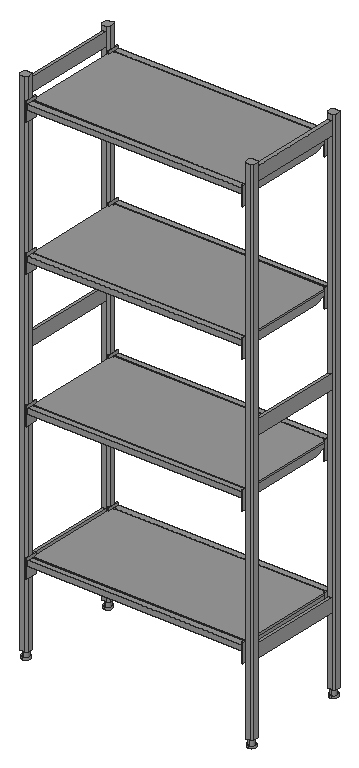
Revit family "QF_ZANUSSI_137010_ALS772", category Attrezzature speciali, Revit 2020
Family settings
  Quota connettore circolare = Usa diametro
  Tipo di parte = Normale
  Basato su piano di lavoro = No
  Sempre verticale = Sì
  Taglio con vuoti quando caricato = No
  Condiviso = No
  Punto di calcolo locali = No
Parameters (values of type "Standard")
  Weight = 16.00 kg
  Watts = 0 W
  Volts = 0 V
  URL Manufacturer = "http://www.zanussiprofessional.com"
  URL = "http://www.zanussiprofessional.com"
  Steam Supply Size = 0 mm
  Steam Supply Minimum Pressure = 0.0 Pa
  Steam Supply Maximum Pressure = 0.0 Pa
  Steam Consumption per Hour = 0
  Refrigeration Suction Line Size = 0.0 mm
  Refrigeration Liquid Line Size = 0.0 mm
  Refrigerant Compressor Remote = yes
  Prospetto di default = 0.0 mm
  Phase = 0
  Modello = "ALS772"
  Produttore = "Zanussi"
  Length Actual = 772.0 mm  # constant formula
  Item Number = "137010"
  Hot Water Size = 0 mm
  Height Actual = 1700.0 mm  # constant formula
  HP = "0 HP"
  Gas Size = 0 mm
  Gas KW = 0
  Gas Input Pressure = 0 W
  Direct Waste Size = 0 mm
  Descrizione = "ALUM.LINEAR SHELV.-POLY.TIERS-373X772MM"
  Depth Actual = 373.0 mm  # constant formula
  Cycle = 0 Hz
  Condensate Return Size = 0 mm
  Compressed Air Volume = 0.0 L/s
  Compressed Air Size = 0 mm
  Compressed Air Pressure = 0.0 Pa
  Cold Water Size = 0 mm
  Accessory = yes
Reference planes
  plane 1: z = 0
  plane 2 "Center (Left/Right)": x = -31
  plane 3 "LEFT": x = -417
  plane 4 "RIGHT": x = 355
  plane 5 "BACK": y = 23
  plane 6 "FRONT": y = -350
  plane 7 "TOP": z = 1700
  plane 8: x = 350
  plane 9: x = -385
  plane 10: x = 323
  plane 11 "Center (Front/Back)": y = -163.5
  plane 12: x = 318
  plane 13: y = -8.5
  plane 14: y = -318.5
  plane 15 "FEET": z = 25
  plane 16: z = 275
  plane 17: z = 725
  plane 18: z = 1175
  plane 19: z = 1625
  plane 20 "CXLeft": x = -403
  plane 21 "CXRight": x = 341
  plane 22: y = 5.5
  plane 23 "CYBack": y = 5.5
  plane 24 "CYFront": y = -332.5
Forms (mm)
  Extrusion 1, solid, material "QF_Aluminum"
    sketch origin (-417, 0, 0) x (0, 1, 0) y (0, 0, 1)
      loop
        line (4, 1650.994) -> (4, 1632.998) -> (23, 1632.998) -> (23, 1650.994) -> (4, 1650.994)
      loop
        line (-331, 1650.994) -> (-350, 1650.994) -> (-350, 1632.998) -> (-331, 1632.998) -> (-331, 1650.994)
      loop
        line (4, 1200.994) -> (4, 1182.998) -> (23, 1182.998) -> (23, 1200.994) -> (4, 1200.994)
      loop
        line (-331, 1200.994) -> (-350, 1200.994) -> (-350, 1182.998) -> (-331, 1182.998) -> (-331, 1200.994)
      loop
        line (4, 750.994) -> (4, 732.998) -> (23, 732.998) -> (23, 750.994) -> (4, 750.994)
      loop
        line (-331, 750.994) -> (-350, 750.994) -> (-350, 732.998) -> (-331, 732.998) -> (-331, 750.994)
      loop
        line (4, 300.994) -> (4, 282.998) -> (23, 282.998) -> (23, 300.994) -> (4, 300.994)
      loop
        line (-331, 300.994) -> (-350, 300.994) -> (-350, 282.998) -> (-331, 282.998) -> (-331, 300.994)
    from 32 to 740
  Extrusion 2, solid, material "QF_Polyethylene"
    sketch origin (-417, 0, 0) x (0, 1, 0) y (0, 0, 1)
      loop
        line (2.007, 1650.994) -> (-329, 1650.994) -> (-329, 1644.496) -> (2.007, 1644.496) -> (2.007, 1650.994)
      loop
        line (2.007, 1200.994) -> (-329, 1200.994) -> (-329, 1194.496) -> (2.007, 1194.496) -> (2.007, 1200.994)
      loop
        line (2.007, 750.994) -> (-329, 750.994) -> (-329, 744.496) -> (2.007, 744.496) -> (2.007, 750.994)
      loop
        line (2.007, 300.994) -> (-329, 300.994) -> (-329, 294.496) -> (2.007, 294.496) -> (2.007, 300.994)
    from 32 to 740
  Extrusion 3, solid, material "QF_Aluminum"
    sketch origin (355, 0, 0) x (0, 1, 0) y (0, 0, 1)
      loop
        line (-12, 1632.998) -> (4, 1632.998) -> (4, 1650.994) -> (2.007, 1650.994) -> (2.007, 1644.496) -> (-329, 1644.496) -> (-329, 1650.994) -> (-331, 1650.994) -> (-331, 1632.998) -> (-315, 1632.998) -> (-281, 1620.994) -> (-46, 1620.994) -> (-12, 1632.998)
      loop
        line (-12, 1182.998) -> (4, 1182.998) -> (4, 1200.994) -> (2.007, 1200.994) -> (2.007, 1194.496) -> (-329, 1194.496) -> (-329, 1200.994) -> (-331, 1200.994) -> (-331, 1182.998) -> (-315, 1182.998) -> (-281, 1170.994) -> (-46, 1170.994) -> (-12, 1182.998)
      loop
        line (-12, 732.998) -> (4, 732.998) -> (4, 750.994) -> (2.007, 750.994) -> (2.007, 744.496) -> (-329, 744.496) -> (-329, 750.994) -> (-331, 750.994) -> (-331, 732.998) -> (-315, 732.998) -> (-281, 720.994) -> (-46, 720.994) -> (-12, 732.998)
      loop
        line (-12, 282.998) -> (4, 282.998) -> (4, 300.994) -> (2.007, 300.994) -> (2.007, 294.496) -> (-329, 294.496) -> (-329, 300.994) -> (-331, 300.994) -> (-331, 282.998) -> (-315, 282.998) -> (-281, 270.994) -> (-46, 270.994) -> (-12, 282.998)
    from -32 to -37
Lines and regions (mm)
  symbolic lines
    curve 1: line (323, 4, 1700) -> (-385, 4, 1700)
    curve 2: line (-389, 23, 1700) -> (327, 23, 1700)
    curve 3: line (327, 13.246, 1700) -> (333.254, 19.5, 1700)
    curve 4: line (333.254, -8.5, 1700) -> (327, -2.246, 1700)
    curve 5: line (333.254, -318.5, 1700) -> (327, -324.754, 1700)
    curve 6: line (-389, -350, 1700) -> (327, -350, 1700)
    curve 7: line (327, 23, 1700) -> (327, -12.993, 1700)
    curve 8: line (327, -12.993, 1700) -> (323, -12.993, 1700)
    curve 9: line (327, -350, 1700) -> (327, -314.007, 1700)
    curve 10: line (327, -314.007, 1700) -> (323, -314.007, 1700)
    curve 11: line (-385, -12.993, 1700) -> (-385, -314.007, 1700)
    curve 12: line (-385, -331, 1700) -> (323, -331, 1700)
    curve 13: line (323, -12.993, 1700) -> (323, -314.007, 1700)
Dimensions and locks
  locked: plane 3 "LEFT" to plane 4 "RIGHT" at 772
  equal spacing: plane 3 "LEFT", plane 2 "Center (Left/Right)", plane 4 "RIGHT"
  locked: plane 7 "TOP" to level at 1700
  locked: plane 5 "BACK" to plane 6 "FRONT" at 373
  locked: plane 4 "RIGHT" to plane 8 at 5
  locked: plane 9 to plane 10 at 708
  locked: plane 3 "LEFT" to plane 9 at 32
  plane 12 to plane 10 = 5.0 mm
  locked: plane 13 to plane 14 at 310
  equal spacing: plane 13, plane 11 "Center (Front/Back)", plane 14
  equal spacing: plane 5 "BACK", plane 11 "Center (Front/Back)", plane 6 "FRONT"
  plane 15 "FEET" to level = 25.0 mm
  plane 7 "TOP" to plane 15 "FEET" = 1675.0 mm
  plane 16 to plane 15 "FEET" = 250.0 mm
  plane 17 to plane 16 = 450.0 mm
  plane 18 to plane 17 = 450.0 mm
  plane 19 to plane 18 = 450.0 mm
  locked: plane 3 "LEFT" to plane 20 "CXLeft" at 14
  locked: plane 21 "CXRight" to plane 4 "RIGHT" at 14
  locked: plane 5 "BACK" to plane 23 "CYBack" at 17.5
  locked: plane 24 "CYFront" to plane 6 "FRONT" at 17.5
  aligned and locked: level to plane 1
  aligned and locked: plane 9 to Extrusion 2
  aligned and locked: Extrusion 2 to plane 10
  aligned and locked: plane 9 to Extrusion 1
  aligned and locked: Extrusion 1 to plane 10
  aligned and locked: Extrusion 1 sketch curve to Extrusion 1 sketch curve  (x2)
  aligned and locked: Extrusion 3 sketch curve to Extrusion 3 sketch curve  (x3)
  aligned and locked: Extrusion 3 to plane 12
  aligned and locked: Extrusion 3 to plane 10
  aligned and locked: plane 20 "CXLeft" to nested 1
  aligned and locked: plane 21 "CXRight" to nested 2
Automatic sketch dimensions
  Extrusion 1 sketch curve to plane 6 "FRONT" = 0.0 mm  (x4)
  Extrusion 1 sketch curve to plane 5 "BACK" = 0.0 mm  (x4)
  plane 24 "CYFront" to Extrusion 1 sketch curve = 1.5 mm  (x2)
  plane 22 to Extrusion 1 sketch curve = 1.5 mm  (x4)
  plane 16 to Extrusion 1 sketch curve = 7.998 mm  (x2)
  Extrusion 1 sketch curve to Extrusion 1 sketch curve = 17.997 mm  (x8)
  plane 17 to Extrusion 1 sketch curve = 7.998 mm  (x2)
  plane 18 to Extrusion 1 sketch curve = 7.998 mm  (x2)
  plane 19 to Extrusion 1 sketch curve = 7.998 mm  (x2)
  plane 24 "CYFront" to Extrusion 2 sketch curve = 3.5 mm  (x4)
  plane 22 to Extrusion 2 sketch curve = 3.493 mm  (x4)
  plane 16 to Extrusion 2 sketch curve = 19.496 mm
  Extrusion 2 sketch curve to Extrusion 2 sketch curve = 6.499 mm  (x4)
  plane 17 to Extrusion 2 sketch curve = 19.496 mm
  plane 18 to Extrusion 2 sketch curve = 19.496 mm
  plane 19 to Extrusion 2 sketch curve = 19.496 mm
  plane 24 "CYFront" to Extrusion 3 sketch curve = 1.5 mm  (x4)
  Extrusion 3 sketch curve to Extrusion 3 sketch curve = 2.0 mm
  plane 14 to Extrusion 3 sketch curve = 3.5 mm  (x4)
  Extrusion 3 sketch curve to plane 16 = 4.006 mm
  Extrusion 3 sketch curve to Extrusion 3 sketch curve = 34.0 mm  (x4)
  Extrusion 3 sketch curve to plane 17 = 4.006 mm
  Extrusion 3 sketch curve to plane 18 = 4.006 mm
  Extrusion 3 sketch curve to plane 19 = 4.006 mm
  Extrusion 3 sketch curve to plane 13 = 37.5 mm  (x4)
  Extrusion 3 sketch curve to plane 13 = 3.5 mm  (x4)
  plane 22 to Extrusion 3 sketch curve = 3.493 mm  (x4)
  plane 22 to Extrusion 3 sketch curve = 1.5 mm  (x4)
  plane 16 to Extrusion 3 sketch curve = 7.998 mm  (x2)
  Extrusion 3 sketch curve to Extrusion 3 sketch curve = 11.498 mm  (x4)
  Extrusion 3 sketch curve to Extrusion 3 sketch curve = 6.499 mm  (x8)
  plane 17 to Extrusion 3 sketch curve = 7.998 mm  (x2)
  plane 18 to Extrusion 3 sketch curve = 7.998 mm  (x2)
  plane 19 to Extrusion 3 sketch curve = 7.998 mm  (x2)
  curve 6 to plane 6 "FRONT" = 0.0 mm
  curve 12 to plane 9 = 0.0 mm
  curve 12 to plane 10 = 0.0 mm
  curve 5 to plane 14 = 0.0 mm
  curve 11 to plane 9 = 0.0 mm
  curve 8 to plane 10 = 0.0 mm
  curve 4 to plane 13 = 0.0 mm
  curve 1 to plane 9 = 0.0 mm
  curve 1 to plane 10 = 0.0 mm
  curve 2 to plane 5 "BACK" = 0.0 mm
  plane 14 to curve 10 = 4.493 mm
  curve 7 to plane 13 = 4.493 mm
  curve 10 to plane 10 = 4.0 mm
  curve 7 to plane 10 = 4.0 mm
  plane 24 "CYFront" to curve 12 = 1.5 mm
  curve 5 to plane 14 = 6.254 mm
  plane 14 to curve 11 = 4.493 mm
  curve 11 to plane 13 = 4.493 mm
  plane 13 to curve 4 = 6.254 mm
  plane 22 to curve 1 = 1.5 mm
  curve 3 to plane 22 = 7.746 mm
  curve 3 to plane 5 "BACK" = 3.5 mm
  curve 5 to curve 9 = 6.254 mm
  curve 3 to curve 2 = 6.254 mm
  curve 4 to curve 7 = 6.254 mm
  plane 9 to curve 2 = 4.0 mm
  plane 9 to curve 6 = 4.0 mm
Nested families
  nested 1: "WT_Anta373" at (0, 0, 0), type "WT_Anta373"
  nested 2: "WT_Anta373" at (-62, 0, 0) x (-1, 0, 0) z (0, 0, 1), type "WT_Anta373"
Definition of nested family "WT_Anta373"
  Parameters
    WidthLeft = A + 64.0 mm  # 772.0 mm
    Width = 1606.0 mm
    Right = WidthLeft / 2  # 386.0 mm
    Default Elevation = 0.0 mm
    Left = -WidthLeft / 2  # -386.0 mm
    Height = 1725.0 mm
    FEET = 25.0 mm
    E = 0.0 mm
    Dint = Depth - 63.0 mm  # 310.0 mm
    Dext = Depth - 8.0 mm  # 365.0 mm
    Depth = 373.0 mm
    DX = (WidthLeft - A) / 2  # 32.0 mm
    B = 798.0 mm
    A = 708.0 mm
  Reference planes
    plane 1: z = 0
    plane 2 "LEFT": x = -417
    plane 3 "BACK": y = 23
    plane 4 "FRONT": y = -350
    plane 5 "TOP": z = 1725
    plane 6 "Center (Front/Back)": y = -163.5
    plane 7: y = -8.5
    plane 8: y = -318.5
    plane 9 "FEET": z = 25
    plane 10: z = 275
    plane 11: z = 725
    plane 12: z = 1175
    plane 13: z = 1625
    plane 14 "CXLeft": x = -403
    plane 15: y = 5.5
    plane 16 "CYBack": y = 5.5
    plane 17 "CYFront": y = -332.5
    plane 18: x = -385.031
    plane 19: x = -380.031
  Forms (mm)
    Extrusion 1, solid
      sketch origin (0, 0, 0) x (1, 0, 0) y (0, 1, 0)
        loop
          line (-417, 13.246) -> (-417, -2.246) -> (-410.746, -8.5) -> (-395.254, -8.5) -> (-389, -2.246) -> (-389, 13.246) -> (-395.254, 19.5) -> (-410.746, 19.5) -> (-417, 13.246)
      from 1725 to 25
    Extrusion 2, solid
      sketch origin (-417, 0, 0) x (0, 1, 0) y (0, 0, 1)
        loop
          line (23, 246.005) -> (23, 307.993) -> (-12.993, 307.993) -> (-12.993, 246.005) -> (23, 246.005)
        loop
          line (-350, 246.005) -> (-314.007, 246.005) -> (-314.007, 307.993) -> (-350, 307.993) -> (-350, 246.005)
        loop
          line (23, 696.005) -> (23, 757.993) -> (-12.993, 757.993) -> (-12.993, 696.005) -> (23, 696.005)
        loop
          line (-350, 696.005) -> (-314.007, 696.005) -> (-314.007, 757.993) -> (-350, 757.993) -> (-350, 696.005)
        loop
          line (23, 1146.005) -> (23, 1207.993) -> (-12.993, 1207.993) -> (-12.993, 1146.005) -> (23, 1146.005)
        loop
          line (-350, 1146.005) -> (-314.007, 1146.005) -> (-314.007, 1207.993) -> (-350, 1207.993) -> (-350, 1146.005)
        loop
          line (23, 1596.005) -> (23, 1657.993) -> (-12.993, 1657.993) -> (-12.993, 1596.005) -> (23, 1596.005)
        loop
          line (-350, 1596.005) -> (-314.007, 1596.005) -> (-314.007, 1657.993) -> (-350, 1657.993) -> (-350, 1596.005)
      from 28 to 32
    Revolve 3, solid
      sketch origin (-403, 0, 0) x (0, 1, 0) y (0, 0, 1)
        loop
          line (5.5, 25) -> (5.5, 0) -> (19, 0) -> (19, 5) -> (14, 5) -> (14, 25) -> (5.5, 25)
        axis (5.5, 25) -> (5.5, 0)
      angle from 0 to 360
    Extrusion 4, solid
      sketch origin (-403, 0, 0) x (0, 1, 0) y (0, 0, 1)
        loop
          line (-8.5, 912.382) -> (-8.5, 957.374) -> (-318.5, 957.374) -> (-318.5, 912.382) -> (-8.5, 912.382)
        loop
          line (-8.5, 1662.244) -> (-8.5, 1707.236) -> (-318.5, 1707.236) -> (-318.5, 1662.244) -> (-8.5, 1662.244)
      from -5 to 5
    Revolve 5, solid
      sketch origin (-403, -627, 0) x (0, -1, 0) y (0, 0, 1)
        loop
          line (-294.5, 25) -> (-294.5, 0) -> (-281, 0) -> (-281, 5) -> (-286, 5) -> (-286, 25) -> (-294.5, 25)
        axis (-294.5, 25) -> (-294.5, 0)
      angle from 0 to 360
    Extrusion 6, solid
      sketch origin (0, -627, 0) x (1, 0, 0) y (0, 1, 0)
        loop
          line (-417, 286.754) -> (-410.746, 280.5) -> (-395.254, 280.5) -> (-389, 286.754) -> (-389, 302.246) -> (-395.254, 308.5) -> (-410.746, 308.5) -> (-417, 302.246) -> (-417, 286.754)
      from 1725 to 25
    Extrusion 7, solid
      sketch origin (-417.031, -0.022, 0) x (0, 1, 0) y (0, 0, -1)
        loop
          line (-12, -1632.998) -> (-46, -1620.994) -> (-281, -1620.994) -> (-315, -1632.998) -> (-331, -1632.998) -> (-331, -1650.994) -> (-329, -1650.994) -> (-329, -1644.496) -> (2.007, -1644.496) -> (2.007, -1650.994) -> (4, -1650.994) -> (4, -1632.998) -> (-12, -1632.998)
        loop
          line (-12, -1182.998) -> (-46, -1170.994) -> (-281, -1170.994) -> (-315, -1182.998) -> (-331, -1182.998) -> (-331, -1200.994) -> (-329, -1200.994) -> (-329, -1194.496) -> (2.007, -1194.496) -> (2.007, -1200.994) -> (4, -1200.994) -> (4, -1182.998) -> (-12, -1182.998)
        loop
          line (-12, -732.998) -> (-46, -720.994) -> (-281, -720.994) -> (-315, -732.998) -> (-331, -732.998) -> (-331, -750.994) -> (-329, -750.994) -> (-329, -744.496) -> (2.007, -744.496) -> (2.007, -750.994) -> (4, -750.994) -> (4, -732.998) -> (-12, -732.998)
        loop
          line (-12, -282.998) -> (-46, -270.994) -> (-281, -270.994) -> (-315, -282.998) -> (-331, -282.998) -> (-331, -300.994) -> (-329, -300.994) -> (-329, -294.496) -> (2.007, -294.496) -> (2.007, -300.994) -> (4, -300.994) -> (4, -282.998) -> (-12, -282.998)
      from -32 to -37
    Extrusion 8, solid
      sketch origin (-403, 0, -659.878) x (0, 1, 0) y (0, 0, 1)
        loop
          line (-8.5, 912.382) -> (-8.5, 957.374) -> (-318.5, 957.374) -> (-318.5, 912.382) -> (-8.5, 912.382)
        loop
          line (-8.5, 1572.382) -> (-8.5, 1617.374) -> (-318.5, 1617.374) -> (-318.5, 1572.382) -> (-8.5, 1572.382)
        loop
          line (-8.5, 2322.382) -> (-8.5, 2367.374) -> (-318.5, 2367.374) -> (-318.5, 2322.382) -> (-8.5, 2322.382)
      from -5 to 5
  Lines and regions (mm)
    symbolic lines
      curve 1: line (-408, -8.5, 1725) -> (-408, -318.5, 1725)
      curve 2: line (-398, -318.5, 1725) -> (-398, -8.5, 1725)
      curve 3: line (-395.254, -8.5, 1725) -> (-410.746, -8.5, 1725)
      curve 4: line (-417, -2.246, 1725) -> (-410.746, -8.5, 1725)
      curve 5: line (-417, 13.246, 1725) -> (-417, -2.246, 1725)
      curve 6: line (-410.746, 19.5, 1725) -> (-417, 13.246, 1725)
      curve 7: line (-395.254, 19.5, 1725) -> (-410.746, 19.5, 1725)
      curve 8: line (-389, 13.246, 1725) -> (-395.254, 19.5, 1725)
      curve 9: line (-395.254, -8.5, 1725) -> (-389, -2.246, 1725)
      curve 10: line (-395.254, -318.5, 1725) -> (-410.746, -318.5, 1725)
      curve 11: line (-417, -324.754, 1725) -> (-410.746, -318.5, 1725)
      curve 12: line (-410.746, -346.5, 1725) -> (-417, -340.246, 1725)
      curve 13: line (-395.254, -346.5, 1725) -> (-410.746, -346.5, 1725)
      curve 14: line (-389, -340.246, 1725) -> (-395.254, -346.5, 1725)
      curve 15: line (-395.254, -318.5, 1725) -> (-389, -324.754, 1725)
      curve 16: line (-389, -350, 1725) -> (-389, -314.007, 1725)
      curve 17: line (-389, -314.007, 1725) -> (-385, -314.007, 1725)
      curve 18: line (-389, 23, 1725) -> (-389, -12.993, 1725)
      curve 19: line (-389, -12.993, 1725) -> (-385, -12.993, 1725)
      curve 20: line (-417, -324.754, 1725) -> (-417, -340.246, 1725)
      curve 21: line (-385, -350, 1725) -> (-385, -314.007, 1725)
      curve 22: line (-385, -350, 1725) -> (-389, -350, 1725)
      curve 23: line (-385, 23, 1725) -> (-389, 23, 1725)
      curve 24: line (-385, -12.993, 1725) -> (-385, 23, 1725)
      curve 25: line (-385.031, -13.016, 1725) -> (-385.031, -314.029, 1725)
  Dimensions and locks
    "Height": plane 5 "TOP" to level
    "Depth": plane 3 "BACK" to plane 4 "FRONT"
    "Dint": plane 7 to plane 8
    equal spacing: plane 7, plane 6 "Center (Front/Back)", plane 8
    equal spacing: plane 3 "BACK", plane 6 "Center (Front/Back)", plane 4 "FRONT"
    plane 9 "FEET" to level = 25.0 mm
    plane 5 "TOP" to plane 9 "FEET" = 1700.0 mm
    plane 10 to plane 9 "FEET" = 250.0 mm
    plane 11 to plane 10 = 450.0 mm
    plane 12 to plane 11 = 450.0 mm
    plane 13 to plane 12 = 450.0 mm
    locked: plane 2 "LEFT" to plane 14 "CXLeft" at 14
    locked: plane 3 "BACK" to plane 16 "CYBack" at 17.5
    locked: plane 17 "CYFront" to plane 4 "FRONT" at 17.5
    locked: Revolve 3 sketch curve to Revolve 3 sketch curve at 8.5
    locked: Revolve 3 sketch curve to plane 16 "CYBack" at 13.5
    locked: Revolve 5 sketch curve to Revolve 5 sketch curve at 8.5
    aligned and locked: level to plane 1
    aligned and locked: curve 20 to Extrusion 6
    aligned and locked: plane 5 "TOP" to Extrusion 1
    aligned and locked: plane 5 "TOP" to Extrusion 6
    aligned and locked: Extrusion 7 sketch curve to Extrusion 7 sketch curve  (x3)
  Automatic sketch dimensions
    curve 16 to plane 4 "FRONT" = 0.0 mm
    curve 11 to plane 8 = 0.0 mm
    curve 9 to plane 7 = 0.0 mm
    curve 5 to plane 2 "LEFT" = 0.0 mm
    curve 23 to plane 3 "BACK" = 0.0 mm
    plane 4 "FRONT" to curve 13 = 3.5 mm
    curve 20 to plane 17 "CYFront" = 7.746 mm
    curve 20 to plane 8 = 6.254 mm
    plane 8 to curve 16 = 4.493 mm
    curve 24 to plane 18 = 0.031 mm
    curve 24 to plane 7 = 4.493 mm
    plane 7 to curve 5 = 6.254 mm
    curve 5 to plane 15 = 7.746 mm
    curve 6 to plane 3 "BACK" = 3.5 mm
    curve 21 to plane 18 = 0.031 mm
    plane 18 to curve 23 = 3.969 mm
    plane 18 to curve 16 = 3.969 mm
    curve 18 to curve 8 = 6.254 mm
    curve 18 to curve 3 = 6.254 mm
    curve 16 to curve 13 = 6.254 mm
    curve 16 to curve 15 = 6.254 mm
    plane 2 "LEFT" to curve 10 = 6.254 mm
    plane 2 "LEFT" to curve 7 = 6.254 mm
    plane 2 "LEFT" to curve 12 = 6.254 mm
    plane 2 "LEFT" to curve 3 = 6.254 mm
    curve 14 to plane 17 "CYFront" = 7.746 mm
    curve 15 to plane 8 = 6.254 mm
    plane 7 to curve 9 = 6.254 mm
    curve 8 to plane 15 = 7.746 mm
    curve 3 to curve 2 = 2.746 mm
    curve 1 to curve 10 = 2.746 mm
    Extrusion 1 sketch curve to plane 2 "LEFT" = 0.0 mm
    Extrusion 1 sketch curve to plane 7 = 0.0 mm
    plane 2 "LEFT" to Extrusion 1 sketch curve = 6.254 mm  (x2)
    plane 14 "CXLeft" to Extrusion 1 sketch curve = 7.746 mm  (x2)
    Extrusion 1 sketch curve to plane 3 "BACK" = 3.5 mm
    plane 18 to Extrusion 1 sketch curve = 3.969 mm
    plane 7 to Extrusion 1 sketch curve = 6.254 mm  (x2)
    Extrusion 1 sketch curve to plane 15 = 7.746 mm  (x2)
    Extrusion 2 sketch curve to plane 4 "FRONT" = 0.0 mm  (x4)
    Extrusion 2 sketch curve to plane 3 "BACK" = 0.0 mm  (x4)
    plane 8 to Extrusion 2 sketch curve = 4.493 mm  (x4)
    Extrusion 2 sketch curve to plane 7 = 4.493 mm  (x4)
    Extrusion 2 sketch curve to plane 10 = 28.995 mm  (x2)
    plane 10 to Extrusion 2 sketch curve = 32.993 mm  (x2)
    Extrusion 2 sketch curve to plane 11 = 28.995 mm  (x2)
    plane 11 to Extrusion 2 sketch curve = 32.993 mm  (x2)
    Extrusion 2 sketch curve to plane 12 = 28.995 mm  (x2)
    plane 12 to Extrusion 2 sketch curve = 32.993 mm  (x2)
    Extrusion 2 sketch curve to plane 13 = 28.995 mm  (x2)
    plane 13 to Extrusion 2 sketch curve = 32.993 mm  (x2)
    Revolve 3 sketch curve to plane 9 "FEET" = 0.0 mm  (x2)
    Revolve 3 sketch curve to plane 15 = 0.0 mm  (x2)
    Revolve 3 sketch curve to level = 0.0 mm
    level to Revolve 3 sketch curve = 5.0 mm
    Revolve 3 sketch curve to Revolve 3 sketch curve = 11.655 mm
    Extrusion 4 sketch curve to plane 8 = 0.0 mm  (x2)
    Extrusion 4 sketch curve to plane 7 = 0.0 mm  (x2)
    plane 11 to Extrusion 4 sketch curve = 187.382 mm
    Extrusion 4 sketch curve to Extrusion 4 sketch curve = 44.992 mm
    plane 13 to Extrusion 4 sketch curve = 37.244 mm
    Extrusion 4 sketch curve to plane 5 "TOP" = 17.764 mm
    Revolve 5 sketch curve to plane 9 "FEET" = 0.0 mm  (x2)
    Revolve 5 sketch curve to plane 17 "CYFront" = 0.0 mm  (x2)
    Revolve 5 sketch curve to level = 0.0 mm
    Revolve 5 sketch curve to plane 4 "FRONT" = 4.0 mm
    Revolve 5 sketch curve to Revolve 5 sketch curve = 5.0 mm
    level to Revolve 5 sketch curve = 11.655 mm
    Extrusion 6 sketch curve to plane 2 "LEFT" = 0.0 mm
    Extrusion 6 sketch curve to plane 8 = 0.0 mm
    Extrusion 6 sketch curve to plane 2 "LEFT" = 6.254 mm  (x2)
    Extrusion 6 sketch curve to plane 14 "CXLeft" = 7.746 mm  (x2)
    Extrusion 6 sketch curve to plane 4 "FRONT" = 3.5 mm
    Extrusion 6 sketch curve to plane 18 = 3.969 mm
    plane 8 to Extrusion 6 sketch curve = 6.254 mm  (x2)
    plane 17 "CYFront" to Extrusion 6 sketch curve = 7.746 mm  (x2)
    plane 17 "CYFront" to Extrusion 7 sketch curve = 1.478 mm  (x4)
    Extrusion 7 sketch curve to Extrusion 7 sketch curve = 2.0 mm
    plane 8 to Extrusion 7 sketch curve = 3.478 mm  (x4)
    Extrusion 7 sketch curve to plane 10 = 4.006 mm
    Extrusion 7 sketch curve to Extrusion 7 sketch curve = 34.0 mm  (x4)
    Extrusion 7 sketch curve to plane 11 = 4.006 mm
    Extrusion 7 sketch curve to plane 12 = 4.006 mm
    Extrusion 7 sketch curve to plane 13 = 4.006 mm
    Extrusion 7 sketch curve to plane 7 = 37.522 mm  (x4)
    Extrusion 7 sketch curve to plane 7 = 3.522 mm  (x4)
    plane 15 to Extrusion 7 sketch curve = 3.516 mm  (x4)
    plane 15 to Extrusion 7 sketch curve = 1.522 mm  (x4)
    plane 13 to Extrusion 7 sketch curve = 7.998 mm  (x2)
    Extrusion 7 sketch curve to Extrusion 7 sketch curve = 11.498 mm
    Extrusion 7 sketch curve to Extrusion 7 sketch curve = 6.499 mm  (x5)
    plane 12 to Extrusion 7 sketch curve = 25.994 mm  (x2)
    plane 12 to Extrusion 7 sketch curve = 7.998 mm  (x2)
    plane 11 to Extrusion 7 sketch curve = 25.994 mm  (x2)
    plane 11 to Extrusion 7 sketch curve = 7.998 mm  (x2)
    plane 10 to Extrusion 7 sketch curve = 25.994 mm  (x2)
    plane 10 to Extrusion 7 sketch curve = 7.998 mm  (x2)
    curve 25 to plane 18 = 0.0 mm
    plane 8 to curve 25 = 4.471 mm
    curve 25 to plane 7 = 4.516 mm
    Extrusion 8 sketch curve to plane 8 = 0.0 mm  (x3)
    Extrusion 8 sketch curve to plane 7 = 0.0 mm  (x3)
    Extrusion 8 sketch curve to plane 10 = 22.496 mm
    plane 10 to Extrusion 8 sketch curve = 22.496 mm
    plane 11 to Extrusion 8 sketch curve = 187.504 mm
    Extrusion 8 sketch curve to Extrusion 8 sketch curve = 44.992 mm
    plane 13 to Extrusion 8 sketch curve = 37.504 mm
    Extrusion 8 sketch curve to plane 5 "TOP" = 17.504 mm
